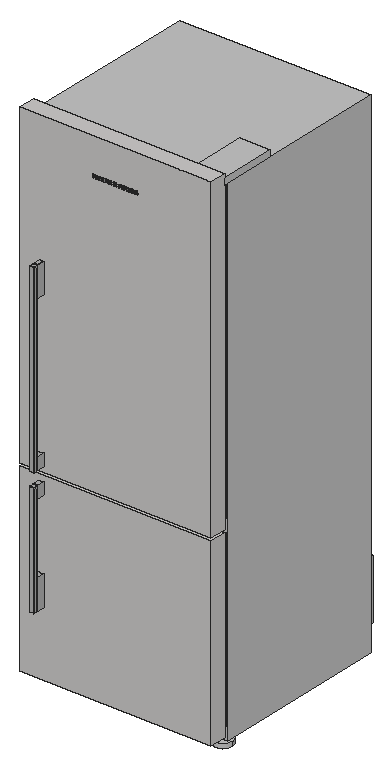
Revit family "FP-Revit18-E402BRXFD4-Fridges", category Specialty Equipment, Revit 2018
Family settings
  Round Connector Dimension = Use Diameter
  Part Type = Normal
  OmniClass Number = 23.40.40.11.11.17
  OmniClass Title = Refrigerator-Freezer
  Work Plane-Based = No
  Always vertical = Yes
  Cut with Voids When Loaded = Yes
  Shared = No
  Room Calculation Point = No
Parameters (values of type "E402BRXFD4")
  Visibility - Clearance Required = yes
  URL = "www.fisherpaykel.com"
  Product - Width = 635 mm  # constant formula
  Product - Height = 1720 mm  # constant formula
  Product - Depth = 736 mm  # constant formula
  Model = "E402BRXFD4"
  Material - Logo = Fisher & Paykel - Steel, Chrome Plated
  Material - Handle = Fisher & Paykel - Aluminium
  Material - Door Structure = Fisher & Paykel - White
  Material - Door Front = Fisher & Paykel - Stainless Steel
  Material - Body = Fisher & Paykel - Grey
  Manufacturer = "Fisher & Paykel Appliances"
  Description = "63.5cm Freestanding Refrigerator with Bottom Freezer"
  Connector Description - Electrical = "230 V, 50Hz"
  Chassis - Width = 635 mm  # constant formula
  Chassis - Height = 1664 mm  # constant formula
  Chassis - Depth = 625 mm  # constant formula
  Cavity - Width = 675 mm  # constant formula
  Cavity - Height = 1735 mm  # constant formula
  Cavity - Depth = 625 mm  # constant formula
Reference planes
  plane 1 "Center (Front/Back)": y = 0
  plane 2: z = 0
  plane 3 "Center (Left/Right)": x = 0
  plane 4 "Product LHS": x = -317.5
  plane 5 "Product RHS": x = 317.5
  plane 6 "Product - Depth": y = 625
  plane 7 "Cavity LHS": x = -337.5
  plane 8 "Cavity RHS": x = 337.5
  plane 9 "Cavity - Depth": y = 625
  plane 10 "Cavity Height": z = 1735
  plane 11 "Door Panel Front": y = -70
  plane 12 "Product - Height": z = 1720
Forms (mm)
  Extrusion 1, solid, material "Fisher & Paykel - Grey" <- "Material - Body"
    sketch origin (0, 0, 0) x (0, 1, 0) y (0, 0, 1)
      loop
        line (0, 24) -> (595, 24) -> (595, 1686) -> (0, 1686) -> (0, 24)
    from -317.5 to 317.5
  Extrusion 2, solid, material "Fisher & Paykel - Grey" <- "Material - Body"
    sketch origin (0, 0, 0) x (1, 0, 0) y (0, 1, 0)
      loop
        circle (-287.5, 18.6) r 4.9
      loop
        circle (287.5, 18.6) r 4.9
    from 14 to 24
  Extrusion 3, solid, material "Fisher & Paykel - Grey" <- "Material - Body"
    sketch origin (0, 0, 0) x (1, 0, 0) y (0, 1, 0)
      loop
        circle (-287.5, 18.6) r 30
      loop
        circle (287.5, 18.6) r 30
    from 0 to 14
  Extrusion 4, solid, material "Fisher & Paykel - Grey" <- "Material - Body"
    sketch origin (0, 0, 0) x (1, 0, 0) y (0, 0, 1)
      loop
        circle (277.542, 69) r 5
      loop
        circle (227.542, 69) r 5
    from -615 to -595
  Extrusion 5, solid, material "Fisher & Paykel - White" <- "Material - Door Structure"
    sketch origin (0, 0, 0) x (1, 0, 0) y (0, 1, 0)
      loop
        line (-309.5, 0) -> (-309.5, -15) -> (309.5, -15) -> (309.5, 0) -> (-309.5, 0)
    from 682 to 1680
  Extrusion 6, solid, material "Fisher & Paykel - Stainless Steel" <- "Material - Door Front"
    sketch origin (0, 0, 0) x (1, 0, 0) y (0, 1, 0)
      loop
        line (-317.5, -15) -> (-317.5, -70) -> (317.5, -70) -> (317.5, -15) -> (-317.5, -15)
    from 660 to 1720
  Extrusion 7, solid, material "Fisher & Paykel - Clearance Required", visible <- "Visibility - Clearance Required", detail levels coarse
    sketch origin (0, 0, 0) x (1, 0, 0) y (0, 1, 0)
      loop
        line (-337.5, 625) -> (-337.5, -70) -> (472.5, -70) -> (472.5, 0) -> (337.5, 0) -> (337.5, 625) -> (-337.5, 625)
    from 0 to 1735
  Extrusion 8, void
    sketch origin (0, 0, 0) x (1, 0, 0) y (0, 1, 0)
      loop
        line (-337.5, 625) -> (-337.5, -70) -> (472.5, -70) -> (472.5, 0) -> (337.5, 0) -> (337.5, 625) -> (-337.5, 625)
    from 0 to 1735
  Extrusion 9, solid, material "Fisher & Paykel - Stainless Steel" <- "Material - Door Front"
    sketch origin (0, 0, 0) x (1, 0, 0) y (0, 1, 0)
      loop
        line (-317.5, -15) -> (-317.5, -70) -> (317.5, -70) -> (317.5, -15) -> (-317.5, -15)
    from 40 to 650
  Extrusion 10, solid, material "Fisher & Paykel - White" <- "Material - Door Structure"
    sketch origin (0, 0, 0) x (1, 0, 0) y (0, 1, 0)
      loop
        line (-309.5, 0) -> (-309.5, -15) -> (309.5, -15) -> (309.5, 0) -> (-309.5, 0)
    from 62 to 642
  Extrusion 11, solid, material "Fisher & Paykel - Grey" <- "Material - Body"
    sketch origin (229.237, 0, 0) x (0, 1, 0) y (0, 0, 1)
      loop
        line (595, 324) -> (595, 94) -> (625, 94) -> (625, 294) -> (595, 324)
    from -526.7 to 68.3
  Extrusion 12, solid, material "Fisher & Paykel - Grey" <- "Material - Body"
    sketch origin (0, 0, 0) x (0, 1, 0) y (0, 0, 1)
      loop
        line (595, 94) -> (595, 24) -> (625, 24) -> (625, 94) -> (595, 94)
    from -297.463 to 202
  Extrusion 13, solid, material "Fisher & Paykel - Grey" <- "Material - Body"
    sketch origin (0, 0, 0) x (1, 0, 0) y (0, 1, 0)
      loop
        line (218.9, 174) -> (218.9, -15) -> (317.5, -15) -> (317.5, 174) -> (218.9, 174)
    from 1686 to 1708
  Extrusion 14, solid, material "Fisher & Paykel - Clearance Required", visible <- "Visibility - Clearance Required", detail levels coarse
    sketch origin (0, 0, 0) x (1, 0, 0) y (0, 1, 0)
      loop
        line (391.972, -70) -> (-317.5, -70)
        arc (-317.5, -70) -> (95.726, -626.083) -> (767.016, -454.756) r 621.877
        line (767.016, -454.756) -> (722.92, -409.518) -> (752.391, -380.791) -> (742.27, -369.199) -> (712.194, -398.515) -> (391.972, -70)
    from 0 to 1720
  Extrusion 15, solid, material "Fisher & Paykel - Grey" <- "Material - Body", detail levels fine
    sketch origin (0, 0, -4) x (0, 1, 0) y (0, 0, 1)
      loop
        arc (62.091, 28) -> (87.5, 4) -> (112.909, 28) r 25.45
        line (112.909, 28) -> (62.091, 28)
      loop
        arc (503.639, 28) -> (529.047, 4) -> (554.456, 28) r 25.45
        line (554.456, 28) -> (503.639, 28)
    from 267 to 284
  Extrusion 16, solid, material "Fisher & Paykel - Steel, Chrome Plated" <- "Material - Logo", detail levels fine
    sketch origin (-0.005, -70, 1596) x (1, 0, 0) y (0, 0, 1)
      loop
        line (-74.994, 0) -> (-72.633, 0) -> (-72.633, 3.207) -> (-68.944, 3.207) -> (-68.944, 5.208) -> (-72.633, 5.208) -> (-72.633, 7.068) -> (-68.62, 7.068) -> (-68.62, 9.06) -> (-74.994, 9.06) -> (-74.994, 0)
      loop
        line (-64.134, 9.06) -> (-64.134, 0) -> (-61.773, 0) -> (-61.773, 9.06) -> (-64.134, 9.06)
      loop
        line (-46.015, 9.06) -> (-46.015, 0) -> (-43.654, 0) -> (-43.654, 3.63) -> (-40.187, 3.63) -> (-40.187, 0) -> (-37.826, 0) -> (-37.826, 9.06) -> (-40.187, 9.06) -> (-40.187, 5.622) -> (-43.654, 5.622) -> (-43.654, 9.06) -> (-46.015, 9.06)
      loop
        line (-32.787, 9.06) -> (-32.787, 0) -> (-26.332, 0) -> (-26.332, 1.992) -> (-30.448, 1.992) -> (-30.448, 3.63) -> (-26.686, 3.63) -> (-26.686, 5.622) -> (-30.448, 5.622) -> (-30.448, 7.068) -> (-26.332, 7.068) -> (-26.332, 9.06) -> (-32.787, 9.06)
      loop
        line (68.572, 9.06) -> (68.572, 0) -> (75.006, 0) -> (75.006, 1.992) -> (70.933, 1.992) -> (70.933, 9.06) -> (68.572, 9.06)
      loop
        line (63.719, 9.06) -> (57.241, 9.06) -> (57.241, 0) -> (63.719, 0) -> (63.719, 1.992) -> (59.602, 1.992) -> (59.602, 3.63) -> (63.364, 3.63) -> (63.364, 5.622) -> (59.602, 5.622) -> (59.602, 7.068) -> (63.719, 7.068) -> (63.719, 9.06)
      loop
        line (50.248, 4.722) -> (53.597, 9.06) -> (50.837, 9.06) -> (47.945, 5.313) -> (47.945, 9.06) -> (45.585, 9.06) -> (45.585, 0) -> (47.945, 0) -> (47.945, 4.058) -> (50.926, 0) -> (53.716, 0) -> (50.248, 4.722)
      loop
        line (33.043, 9.06) -> (36.466, 3.63) -> (36.466, 0) -> (38.827, 0) -> (38.827, 3.511) -> (42.25, 9.06) -> (39.742, 9.06) -> (37.721, 5.561) -> (35.701, 9.06) -> (33.043, 9.06)
      loop
        line (27.79, 9.06) -> (25.547, 9.06) -> (21.858, 0) -> (24.175, 0) -> (24.824, 1.668) -> (28.454, 1.668) -> (29.103, 0) -> (31.479, 0) -> (27.79, 9.06)
      loop
        line (27.671, 3.659) -> (26.612, 6.261) -> (25.599, 3.659) -> (27.671, 3.659)
      loop
        line (12.119, 9.06) -> (12.119, 0) -> (14.48, 0) -> (14.48, 2.907) -> (15.971, 2.907)
        arc (15.971, 2.907) -> (19.048, 5.983) -> (15.971, 9.06) r 3.077
        line (15.971, 9.06) -> (12.119, 9.06)
      loop
        line (14.48, 7.068) -> (14.48, 4.796) -> (15.824, 4.796)
        arc (15.824, 4.796) -> (16.96, 5.932) -> (15.824, 7.068) r 1.136
        line (15.824, 7.068) -> (14.48, 7.068)
      loop
        line (-17.602, 9.06) -> (-21.477, 9.06) -> (-21.477, 0) -> (-19.116, 0) -> (-19.116, 2.522) -> (-18.311, 2.522) -> (-16.387, 0) -> (-13.657, 0) -> (-15.969, 2.959)
        arc (-15.969, 2.959) -> (-14.445, 6.636) -> (-17.602, 9.06) r 3.269
      loop
        line (-17.774, 7.068) -> (-19.116, 7.068) -> (-19.116, 4.579) -> (-17.774, 4.579)
        arc (-17.774, 4.579) -> (-16.529, 5.823) -> (-17.774, 7.068) r 1.244
      loop
        line (0.788, 7.068) -> (0.788, 9.229) -> (-5.291, 9.229) -> (-5.291, 7.276) -> (-4.389, 6.167)
        arc (-4.389, 6.167) -> (-5.193, 1.025) -> (0.005, 0.768) r 3.5
        line (0.005, 0.768) -> (0.63, 0) -> (3.308, 0) -> (1.362, 2.391) -> (3.12, 4.924) -> (0.694, 4.924) -> (0.053, 4) -> (-2.443, 7.068) -> (0.788, 7.068)
      loop
        arc (-3.116, 4.603) -> (-3.331, 2.502) -> (-1.23, 2.286) r 1.493
        line (-1.23, 2.286) -> (-3.116, 4.603)
      loop
        line (-52.698, 5.451) -> (-54.701, 5.866)
        arc (-54.701, 5.866) -> (-55.501, 6.665) -> (-54.701, 7.465) r 0.799
        arc (-54.701, 7.465) -> (-52.78, 7.185) -> (-51.017, 6.371) r 6.757
        line (-51.017, 6.371) -> (-51.017, 8.615)
        arc (-51.017, 8.615) -> (-53.252, 9.269) -> (-55.578, 9.164) r 7.089
        arc (-55.578, 9.164) -> (-57.732, 6.502) -> (-55.578, 3.841) r 2.721
        line (-55.578, 3.841) -> (-53.559, 3.423)
        arc (-53.559, 3.423) -> (-52.76, 2.623) -> (-53.559, 1.824) r 0.799
        arc (-53.559, 1.824) -> (-55.481, 2.103) -> (-57.244, 2.917) r 6.757
        line (-57.244, 2.917) -> (-57.244, 0.674)
        arc (-57.244, 0.674) -> (-55.009, 0.02) -> (-52.682, 0.125) r 7.089
        arc (-52.682, 0.125) -> (-50.529, 2.795) -> (-52.698, 5.451) r 2.721
    from 0 to 0.8
  Extrusion 17, solid, material "Fisher & Paykel - Grey" <- "Material - Body", detail levels fine
    sketch origin (0, 0, -4) x (0, 1, 0) y (0, 0, -1)
      loop
        line (62.091, -28) -> (112.909, -28)
        arc (112.909, -28) -> (87.5, -4) -> (62.091, -28) r 25.45
      loop
        line (503.639, -28) -> (554.456, -28)
        arc (554.456, -28) -> (529.047, -4) -> (503.639, -28) r 25.45
    from 267 to 284
  Extrusion 18, solid, material "Fisher & Paykel - Aluminium" <- "Material - Handle", detail levels fine
    sketch origin (-246.5, -70, 0) x (1, 0, 0) y (0, 1, 0)
      loop
        arc (-7.7, -27.749) -> (0.04, -25.059) -> (7.7, -27.971) r 11.986
        line (7.7, -27.971) -> (7.7, 0) -> (-7.7, 0) -> (-7.7, -27.749)
    from 257 to 357
  Extrusion 19, solid, material "Fisher & Paykel - Aluminium" <- "Material - Handle", detail levels fine
    sketch origin (-246.5, -70, 0) x (1, 0, 0) y (0, 1, 0)
      loop
        arc (-7.7, -27.749) -> (0.04, -25.059) -> (7.7, -27.971) r 11.986
        line (7.7, -27.971) -> (7.7, 0) -> (-7.7, 0) -> (-7.7, -27.749)
    from 591 to 631
  Extrusion 20, solid, material "Fisher & Paykel - Aluminium" <- "Material - Handle", detail levels fine
    sketch origin (-246.5, -70, 0) x (1, 0, 0) y (0, 1, 0)
      loop
        arc (-7.7, -27.749) -> (0.04, -25.059) -> (7.7, -27.971) r 11.986
        line (7.7, -27.971) -> (7.7, 0) -> (-7.7, 0) -> (-7.7, -27.749)
    from 676 to 716
  Extrusion 21, solid, material "Fisher & Paykel - Aluminium" <- "Material - Handle", detail levels fine
    sketch origin (-246.5, -70, 0) x (1, 0, 0) y (0, 1, 0)
      loop
        arc (-7.7, -27.749) -> (0.04, -25.059) -> (7.7, -27.971) r 11.986
        line (7.7, -27.971) -> (7.7, 0) -> (-7.7, 0) -> (-7.7, -27.749)
    from 1188 to 1288
  Extrusion 22, solid, material "Fisher & Paykel - Aluminium" <- "Material - Handle", detail levels fine
    sketch origin (-246.5, -70, 0) x (1, 0, 0) y (0, 1, 0)
      loop
        arc (-8, -39.496) -> (-7.559, -40.559) -> (-6.496, -41) r 1.504
        line (-6.496, -41) -> (6.5, -41)
        arc (6.5, -41) -> (7.561, -40.561) -> (8, -39.5) r 1.5
        line (8, -39.5) -> (8, -28.788)
        arc (8, -28.788) -> (7.908, -28.369) -> (7.649, -28.028) r 1
        arc (7.649, -28.028) -> (0.055, -25.159) -> (-7.625, -27.788) r 11.986
        arc (-7.625, -27.788) -> (-7.901, -28.136) -> (-8, -28.569) r 1
        line (-8, -28.569) -> (-8, -39.496)
    from 676 to 1288
  Extrusion 23, solid, material "Fisher & Paykel - Aluminium" <- "Material - Handle", detail levels fine
    sketch origin (-246.5, -70, 0) x (1, 0, 0) y (0, 1, 0)
      loop
        arc (-8, -39.496) -> (-7.559, -40.559) -> (-6.496, -41) r 1.504
        line (-6.496, -41) -> (6.5, -41)
        arc (6.5, -41) -> (7.561, -40.561) -> (8, -39.5) r 1.5
        line (8, -39.5) -> (8, -28.788)
        arc (8, -28.788) -> (7.908, -28.369) -> (7.649, -28.028) r 1
        arc (7.649, -28.028) -> (0.055, -25.159) -> (-7.625, -27.788) r 11.986
        arc (-7.625, -27.788) -> (-7.901, -28.136) -> (-8, -28.569) r 1
        line (-8, -28.569) -> (-8, -39.496)
    from 257 to 631
  Extrusion 24, solid, material "Fisher & Paykel - Aluminium" <- "Material - Handle", detail levels coarse+medium
    sketch origin (-246.5, -70, 0) x (0, 1, 0) y (0, 0, 1)
      loop
        line (0, 1288) -> (-41, 1288) -> (-41, 676) -> (0, 676) -> (0, 716) -> (-25.058, 716) -> (-25.058, 1188) -> (0, 1188) -> (0, 1288)
      loop
        line (0, 631) -> (-41, 631) -> (-41, 257) -> (0, 257) -> (0, 357) -> (-25, 357) -> (-25, 591) -> (0, 591) -> (0, 631)
    from -8 to 8
  Sweep 25, void
    path in 3D
      loop
        line (-254.5, -98.569, 1288) -> (-254.5, -109.496, 1288)
        arc (-254.5, -109.496, 1288) -> (-254.059, -110.559, 1288) -> (-252.996, -111, 1288) r 1.504
        line (-252.996, -111, 1288) -> (-240, -111, 1288)
        arc (-240, -111, 1288) -> (-238.939, -110.561, 1288) -> (-238.5, -109.5, 1288) r 1.5
        line (-238.5, -109.5, 1288) -> (-238.5, -98.788, 1288)
    profile origin (-238.5, -104.144, 1288) x (-1, 0, 0) y (0, 0, 1)
      loop
        line (0, 0) -> (0, -1.2) -> (1.2, 0) -> (0, 0)
  Extrusion 26, void
    sketch origin (-246.5, -70, -3) x (1, 0, 0) y (0, 0, 1)
      loop
        line (6.8, 1291) -> (8, 1289.8) -> (8, 1291) -> (6.8, 1291)
      loop
        line (-6.8, 1291) -> (-8, 1291) -> (-8, 1289.8) -> (-6.8, 1291)
    from 0 to 41
  Sweep 27, void
    path in 3D
      loop
        line (-254.5, -98.569, 631) -> (-254.5, -109.496, 631)
        arc (-254.5, -109.496, 631) -> (-254.059, -110.559, 631) -> (-252.996, -111, 631) r 1.504
        line (-252.996, -111, 631) -> (-240, -111, 631)
        arc (-240, -111, 631) -> (-238.939, -110.561, 631) -> (-238.5, -109.5, 631) r 1.5
        line (-238.5, -109.5, 631) -> (-238.5, -98.788, 631)
    profile origin (-238.5, -104.144, 631) x (-1, 0, 0) y (0, 0, 1)
      loop
        line (0, 0) -> (0, -1.2) -> (1.2, 0) -> (0, 0)
  Extrusion 28, void
    sketch origin (-246.5, -70, -3) x (1, 0, 0) y (0, 0, 1)
      loop
        line (6.8, 634) -> (8, 632.8) -> (8, 634) -> (6.8, 634)
      loop
        line (-6.8, 634) -> (-8, 634) -> (-8, 632.8) -> (-6.8, 634)
    from 0 to 41
  Extrusion 29, solid, material "Fisher & Paykel - Aluminium" <- "Material - Handle", not visible, detail levels fine
    sketch origin (1231.336, 179.177, 0) x (1, 0, 0) y (0, 1, 0)
      loop
        arc (-7.7, -27.749) -> (0.04, -25.059) -> (7.7, -27.971) r 11.986
        line (7.7, -27.971) -> (7.7, 0) -> (-7.7, 0) -> (-7.7, -27.749)
    from 257 to 357
  Extrusion 30, solid, material "Fisher & Paykel - Aluminium" <- "Material - Handle", not visible, detail levels fine
    sketch origin (1231.336, 179.177, 0) x (1, 0, 0) y (0, 1, 0)
      loop
        arc (-7.7, -27.749) -> (0.04, -25.059) -> (7.7, -27.971) r 11.986
        line (7.7, -27.971) -> (7.7, 0) -> (-7.7, 0) -> (-7.7, -27.749)
    from 591 to 631
  Extrusion 31, solid, material "Fisher & Paykel - Aluminium" <- "Material - Handle", not visible, detail levels fine
    sketch origin (1231.336, 179.177, 0) x (1, 0, 0) y (0, 1, 0)
      loop
        arc (-7.7, -27.749) -> (0.04, -25.059) -> (7.7, -27.971) r 11.986
        line (7.7, -27.971) -> (7.7, 0) -> (-7.7, 0) -> (-7.7, -27.749)
    from 676 to 716
  Extrusion 32, solid, material "Fisher & Paykel - Aluminium" <- "Material - Handle", not visible, detail levels fine
    sketch origin (1231.336, 179.177, 0) x (1, 0, 0) y (0, 1, 0)
      loop
        arc (-7.7, -27.749) -> (0.04, -25.059) -> (7.7, -27.971) r 11.986
        line (7.7, -27.971) -> (7.7, 0) -> (-7.7, 0) -> (-7.7, -27.749)
    from 1188 to 1288
  Extrusion 33, solid, material "Fisher & Paykel - Aluminium" <- "Material - Handle", not visible, detail levels fine
    sketch origin (1231.336, 179.177, 0) x (1, 0, 0) y (0, 1, 0)
      loop
        arc (-8, -39.496) -> (-7.559, -40.559) -> (-6.496, -41) r 1.504
        line (-6.496, -41) -> (6.5, -41)
        arc (6.5, -41) -> (7.561, -40.561) -> (8, -39.5) r 1.5
        line (8, -39.5) -> (8, -28.788)
        arc (8, -28.788) -> (7.908, -28.369) -> (7.649, -28.028) r 1
        arc (7.649, -28.028) -> (0.055, -25.159) -> (-7.625, -27.788) r 11.986
        arc (-7.625, -27.788) -> (-7.901, -28.136) -> (-8, -28.569) r 1
        line (-8, -28.569) -> (-8, -39.496)
    from 676 to 1288
  Extrusion 34, solid, material "Fisher & Paykel - Aluminium" <- "Material - Handle", not visible, detail levels fine
    sketch origin (1231.336, 179.177, 0) x (1, 0, 0) y (0, 1, 0)
      loop
        arc (-8, -39.496) -> (-7.559, -40.559) -> (-6.496, -41) r 1.504
        line (-6.496, -41) -> (6.5, -41)
        arc (6.5, -41) -> (7.561, -40.561) -> (8, -39.5) r 1.5
        line (8, -39.5) -> (8, -28.788)
        arc (8, -28.788) -> (7.908, -28.369) -> (7.649, -28.028) r 1
        arc (7.649, -28.028) -> (0.055, -25.159) -> (-7.625, -27.788) r 11.986
        arc (-7.625, -27.788) -> (-7.901, -28.136) -> (-8, -28.569) r 1
        line (-8, -28.569) -> (-8, -39.496)
    from 257 to 631
  Extrusion 35, solid, material "Fisher & Paykel - Aluminium" <- "Material - Handle", not visible, detail levels coarse+medium
    sketch origin (1231.336, 179.177, 0) x (0, 1, 0) y (0, 0, 1)
      loop
        line (0, 1288) -> (-41, 1288) -> (-41, 676) -> (0, 676) -> (0, 716) -> (-25.058, 716) -> (-25.058, 1188) -> (0, 1188) -> (0, 1288)
      loop
        line (0, 631) -> (-41, 631) -> (-41, 257) -> (0, 257) -> (0, 357) -> (-25, 357) -> (-25, 591) -> (0, 591) -> (0, 631)
    from -8 to 8
  Sweep 36, void, not visible
    path in 3D
      loop
        line (1223.336, 150.608, 1288) -> (1223.336, 139.681, 1288)
        arc (1223.336, 139.681, 1288) -> (1223.777, 138.617, 1288) -> (1224.84, 138.177, 1288) r 1.504
        line (1224.84, 138.177, 1288) -> (1237.836, 138.177, 1288)
        arc (1237.836, 138.177, 1288) -> (1238.897, 138.616, 1288) -> (1239.336, 139.677, 1288) r 1.5
        line (1239.336, 139.677, 1288) -> (1239.336, 150.389, 1288)
    profile origin (1239.336, 145.033, 1288) x (-1, 0, 0) y (0, 0, 1)
      loop
        line (0, 0) -> (0, -1.2) -> (1.2, 0) -> (0, 0)
  Extrusion 37, void, not visible
    sketch origin (1231.336, 179.177, -3) x (1, 0, 0) y (0, 0, 1)
      loop
        line (6.8, 1291) -> (8, 1289.8) -> (8, 1291) -> (6.8, 1291)
      loop
        line (-6.8, 1291) -> (-8, 1291) -> (-8, 1289.8) -> (-6.8, 1291)
    from 0 to 41
  Sweep 38, void, not visible
    path in 3D
      loop
        line (1223.336, 150.608, 631) -> (1223.336, 139.681, 631)
        arc (1223.336, 139.681, 631) -> (1223.777, 138.617, 631) -> (1224.84, 138.177, 631) r 1.504
        line (1224.84, 138.177, 631) -> (1237.836, 138.177, 631)
        arc (1237.836, 138.177, 631) -> (1238.897, 138.616, 631) -> (1239.336, 139.677, 631) r 1.5
        line (1239.336, 139.677, 631) -> (1239.336, 150.389, 631)
    profile origin (1239.336, 145.033, 631) x (-1, 0, 0) y (0, 0, 1)
      loop
        line (0, 0) -> (0, -1.2) -> (1.2, 0) -> (0, 0)
  Extrusion 39, void, not visible
    sketch origin (1231.336, 179.177, -3) x (1, 0, 0) y (0, 0, 1)
      loop
        line (6.8, 634) -> (8, 632.8) -> (8, 634) -> (6.8, 634)
      loop
        line (-6.8, 634) -> (-8, 634) -> (-8, 632.8) -> (-6.8, 634)
    from 0 to 41
Cuts and joins
  joined: Extrusion 11, Extrusion 12
  Sweep 25, Extrusion 26 cuts Extrusion 22
  Extrusion 26 cuts Extrusion 21
  Extrusion 28 cuts Extrusion 19
  Sweep 27, Extrusion 28 cuts Extrusion 23
Lines and regions (mm)
  sketch lines
    curve 1: line (-238.5, -109.5, 1288) -> (-238.5, -98.788, 1288)
    curve 2: arc (-238.5, -109.5, 1288) -> (-238.939, -110.561, 1288) -> (-240, -111, 1288) r 1.5
    curve 3: line (-252.996, -111, 1288) -> (-240, -111, 1288)
    curve 4: arc (-252.996, -111, 1288) -> (-254.059, -110.559, 1288) -> (-254.5, -109.496, 1288) r 1.504
    curve 5: line (-254.5, -98.569, 1288) -> (-254.5, -109.496, 1288)
    curve 6: line (-238.5, -109.5, 631) -> (-238.5, -98.788, 631)
    curve 7: arc (-238.5, -109.5, 631) -> (-238.939, -110.561, 631) -> (-240, -111, 631) r 1.5
    curve 8: arc (-252.996, -111, 631) -> (-254.059, -110.559, 631) -> (-254.5, -109.496, 631) r 1.504
    curve 9: line (-254.5, -98.569, 631) -> (-254.5, -109.496, 631)
    curve 10: line (-252.996, -111, 631) -> (-240, -111, 631)
  sketch lines, not visible
    curve 11: line (1239.336, 139.677, 1288) -> (1239.336, 150.389, 1288)
    curve 12: arc (1239.336, 139.677, 1288) -> (1238.897, 138.616, 1288) -> (1237.836, 138.177, 1288) r 1.5
    curve 13: line (1224.84, 138.177, 1288) -> (1237.836, 138.177, 1288)
    curve 14: arc (1224.84, 138.177, 1288) -> (1223.777, 138.617, 1288) -> (1223.336, 139.681, 1288) r 1.504
    curve 15: line (1223.336, 150.608, 1288) -> (1223.336, 139.681, 1288)
    curve 16: line (1239.336, 139.677, 631) -> (1239.336, 150.389, 631)
    curve 17: arc (1239.336, 139.677, 631) -> (1238.897, 138.616, 631) -> (1237.836, 138.177, 631) r 1.5
    curve 18: arc (1224.84, 138.177, 631) -> (1223.777, 138.617, 631) -> (1223.336, 139.681, 631) r 1.504
    curve 19: line (1223.336, 150.608, 631) -> (1223.336, 139.681, 631)
    curve 20: line (1224.84, 138.177, 631) -> (1237.836, 138.177, 631)
Text (mm)
  text "Due to ongoing product development, product details are subject to change without notice. \nPlease always refer to www.fisherpaykel.com for the most current product information. \n© Fisher & Paykel 2020" at (41.04, -848.295, 0), in view "Ref. Level (Plan)"
Dimensions and locks
  equal spacing: plane 4 "Product LHS", plane 3 "Center (Left/Right)", plane 5 "Product RHS"
  "Product - Width": plane 4 "Product LHS" to plane 5 "Product RHS"
  "Cavity - Depth": plane 1 "Center (Front/Back)" to plane 6 "Product - Depth"
  equal spacing: plane 7 "Cavity LHS", plane 3 "Center (Left/Right)", plane 8 "Cavity RHS"
  "Cavity - Width": plane 7 "Cavity LHS" to plane 8 "Cavity RHS"
  Extrusion 4 sketch curve to plane 5 "Product RHS" = 39.958 mm
  locked: Extrusion 3 to level at 14
  "Cavity - Height": plane 10 "Cavity Height" to level
  Extrusion 9 to Extrusion 1 = 16 mm
  Extrusion 9 to Extrusion 1 = 626 mm
  Extrusion 1 to Extrusion 1 = 1662 mm
  Extrusion 1 to Extrusion 4 = 45 mm  (x2)
  Extrusion 1 to cut or joined group of Extrusion 11, Extrusion 12 = 70 mm
  locked: Extrusion 4 sketch curve to Extrusion 1 at 40  (x2)
  "Chassis - Depth": plane 6 "Product - Depth" to plane 1 "Center (Front/Back)"
  locked: Extrusion 9 to level at 650
  "Product - Height": level to plane 12 "Product - Height"
  Extrusion 13 to Extrusion 1 = 22 mm
  locked: cut or joined group of Extrusion 23, Sweep 27, Extrusion 28 to level at 631
  locked: cut or joined group of Extrusion 22, Sweep 25, Extrusion 26 to level at 676
  locked: cut or joined group of Extrusion 21, Extrusion 26 to level at 1288
  plane 3 "Center (Left/Right)" to Extrusion 24 = 238.5 mm
  Extrusion 16 to plane 2 = 1596 mm
  aligned and locked: level to plane 2
  aligned and locked: Extrusion 1 to plane 5 "Product RHS"
  aligned and locked: plane 4 "Product LHS" to Extrusion 1
  aligned and locked: Extrusion 6 sketch curve to plane 4 "Product LHS"
  aligned and locked: plane 5 "Product RHS" to Extrusion 6 sketch curve
  aligned and locked: Extrusion 1 sketch curve to plane 1 "Center (Front/Back)"
  aligned and locked: Extrusion 12 sketch curve to plane 6 "Product - Depth"
  aligned and locked: Extrusion 4 to Extrusion 1
  aligned and locked: Extrusion 12 to Extrusion 11
  aligned and locked: Extrusion 7 to plane 10 "Cavity Height"
  aligned and locked: Extrusion 8 to plane 10 "Cavity Height"
  aligned and locked: plane 5 "Product RHS" to Extrusion 1
  aligned and locked: Extrusion 1 to plane 4 "Product LHS"
  aligned and locked: Extrusion 14 to plane 12 "Product - Height"
  aligned and locked: cut or joined group of Extrusion 11, Extrusion 12 to Extrusion 1
  aligned and locked: Extrusion 23 to Extrusion 24
  aligned and locked: Extrusion 24 to Extrusion 18
  aligned and locked: Extrusion 24 to Extrusion 23
  aligned and locked: Extrusion 19 to Extrusion 24
  aligned and locked: Extrusion 22 to Extrusion 24
  aligned and locked: Extrusion 24 to Extrusion 20
  aligned and locked: Extrusion 21 to Extrusion 24
Automatic sketch dimensions
  Extrusion 18 sketch curve to Extrusion 18 sketch curve = 7.567 mm
  Extrusion 18 sketch curve to Extrusion 18 sketch curve = 7.833 mm
  Extrusion 18 sketch curve to Extrusion 18 sketch curve = 27.749 mm
  Extrusion 18 sketch curve to Extrusion 18 sketch curve = 0.223 mm
  Extrusion 19 sketch curve to Extrusion 19 sketch curve = 7.567 mm
  Extrusion 19 sketch curve to Extrusion 19 sketch curve = 7.833 mm
  Extrusion 19 sketch curve to Extrusion 19 sketch curve = 27.749 mm
  Extrusion 19 sketch curve to Extrusion 19 sketch curve = 0.223 mm
  Extrusion 20 sketch curve to Extrusion 20 sketch curve = 7.567 mm
  Extrusion 20 sketch curve to Extrusion 20 sketch curve = 7.833 mm
  Extrusion 20 sketch curve to Extrusion 20 sketch curve = 27.749 mm
  Extrusion 20 sketch curve to Extrusion 20 sketch curve = 0.223 mm
  Extrusion 21 sketch curve to Extrusion 21 sketch curve = 7.567 mm
  Extrusion 21 sketch curve to Extrusion 21 sketch curve = 7.833 mm
  Extrusion 21 sketch curve to Extrusion 21 sketch curve = 27.749 mm
  Extrusion 21 sketch curve to Extrusion 21 sketch curve = 0.223 mm
  Extrusion 22 sketch curve to Extrusion 22 sketch curve = 1 mm  (x2)
  Extrusion 22 sketch curve to Extrusion 22 sketch curve = 1.504 mm
  Extrusion 22 sketch curve to Extrusion 22 sketch curve = 6.363 mm
  Extrusion 22 sketch curve to Extrusion 22 sketch curve = 6.633 mm
  Extrusion 22 sketch curve to Extrusion 22 sketch curve = 0.5 mm
  Extrusion 22 sketch curve to Extrusion 22 sketch curve = 2.353 mm
  Extrusion 22 sketch curve to Extrusion 22 sketch curve = 10.712 mm
  Extrusion 22 sketch curve to Extrusion 22 sketch curve = 10.927 mm
  Extrusion 22 sketch curve to Extrusion 22 sketch curve = 0 mm
  Extrusion 23 sketch curve to Extrusion 23 sketch curve = 1 mm  (x2)
  Extrusion 23 sketch curve to Extrusion 23 sketch curve = 1.504 mm
  Extrusion 23 sketch curve to Extrusion 23 sketch curve = 6.363 mm
  Extrusion 23 sketch curve to Extrusion 23 sketch curve = 6.633 mm
  Extrusion 23 sketch curve to Extrusion 23 sketch curve = 0.5 mm
  Extrusion 23 sketch curve to Extrusion 23 sketch curve = 2.353 mm
  Extrusion 23 sketch curve to Extrusion 23 sketch curve = 10.712 mm
  Extrusion 23 sketch curve to Extrusion 23 sketch curve = 10.927 mm
  Extrusion 23 sketch curve to Extrusion 23 sketch curve = 0 mm
  Extrusion 24 sketch curve to Extrusion 24 sketch curve = 15.942 mm
  Extrusion 24 sketch curve to Extrusion 24 sketch curve = 16 mm
  Extrusion 24 sketch curve to Extrusion 24 sketch curve = 41 mm  (x3)
  Extrusion 24 sketch curve to Extrusion 24 sketch curve = 25.058 mm
  Extrusion 24 sketch curve to Extrusion 24 sketch curve = 100 mm  (x2)
  Extrusion 24 sketch curve to Extrusion 24 sketch curve = 234 mm
  Extrusion 24 sketch curve to Extrusion 24 sketch curve = 40 mm  (x2)
  Extrusion 24 sketch curve to Extrusion 24 sketch curve = 45 mm
  Extrusion 24 sketch curve to Extrusion 24 sketch curve = 472 mm
  Sweep 25 sketch curve to profile plane = 0 mm  (x2)
  Sweep 25 sketch curve to profile plane = 1.2 mm  (x2)
  Extrusion 26 sketch curve to Extrusion 26 sketch curve = 1.2 mm  (x5)
  Extrusion 26 sketch curve to Extrusion 26 sketch curve = 13.6 mm
  Sweep 27 sketch curve to profile plane = 0 mm  (x2)
  Sweep 27 sketch curve to profile plane = 1.2 mm  (x2)
  Extrusion 28 sketch curve to Extrusion 28 sketch curve = 1.2 mm  (x4)
  Extrusion 28 sketch curve to Extrusion 28 sketch curve = 13.6 mm
  Extrusion 28 sketch curve to Extrusion 28 sketch curve = 0 mm
  Extrusion 24 sketch curve to Extrusion 24 sketch curve = 0 mm
  Extrusion 29 sketch curve to Extrusion 29 sketch curve = 7.567 mm
  Extrusion 29 sketch curve to Extrusion 29 sketch curve = 7.833 mm
  Extrusion 29 sketch curve to Extrusion 29 sketch curve = 27.749 mm
  Extrusion 29 sketch curve to Extrusion 29 sketch curve = 0.223 mm
  Extrusion 30 sketch curve to Extrusion 30 sketch curve = 7.567 mm
  Extrusion 30 sketch curve to Extrusion 30 sketch curve = 7.833 mm
  Extrusion 30 sketch curve to Extrusion 30 sketch curve = 27.749 mm
  Extrusion 30 sketch curve to Extrusion 30 sketch curve = 0.223 mm
  Extrusion 31 sketch curve to Extrusion 31 sketch curve = 7.567 mm
  Extrusion 31 sketch curve to Extrusion 31 sketch curve = 7.833 mm
  Extrusion 31 sketch curve to Extrusion 31 sketch curve = 27.749 mm
  Extrusion 31 sketch curve to Extrusion 31 sketch curve = 0.223 mm
  Extrusion 32 sketch curve to Extrusion 32 sketch curve = 7.567 mm
  Extrusion 32 sketch curve to Extrusion 32 sketch curve = 7.833 mm
  Extrusion 32 sketch curve to Extrusion 32 sketch curve = 27.749 mm
  Extrusion 32 sketch curve to Extrusion 32 sketch curve = 0.223 mm
  Extrusion 33 sketch curve to Extrusion 33 sketch curve = 1 mm  (x2)
  Extrusion 33 sketch curve to Extrusion 33 sketch curve = 1.504 mm
  Extrusion 33 sketch curve to Extrusion 33 sketch curve = 6.363 mm
  Extrusion 33 sketch curve to Extrusion 33 sketch curve = 6.633 mm
  Extrusion 33 sketch curve to Extrusion 33 sketch curve = 0.5 mm
  Extrusion 33 sketch curve to Extrusion 33 sketch curve = 2.353 mm
  Extrusion 33 sketch curve to Extrusion 33 sketch curve = 10.712 mm
  Extrusion 33 sketch curve to Extrusion 33 sketch curve = 10.927 mm
  Extrusion 33 sketch curve to Extrusion 33 sketch curve = 0 mm
  Extrusion 34 sketch curve to Extrusion 34 sketch curve = 1 mm  (x2)
  Extrusion 34 sketch curve to Extrusion 34 sketch curve = 1.504 mm
  Extrusion 34 sketch curve to Extrusion 34 sketch curve = 6.363 mm
  Extrusion 34 sketch curve to Extrusion 34 sketch curve = 6.633 mm
  Extrusion 34 sketch curve to Extrusion 34 sketch curve = 0.5 mm
  Extrusion 34 sketch curve to Extrusion 34 sketch curve = 2.353 mm
  Extrusion 34 sketch curve to Extrusion 34 sketch curve = 10.712 mm
  Extrusion 34 sketch curve to Extrusion 34 sketch curve = 10.927 mm
  Extrusion 34 sketch curve to Extrusion 34 sketch curve = 0 mm
  Extrusion 35 sketch curve to Extrusion 35 sketch curve = 15.942 mm
  Extrusion 35 sketch curve to Extrusion 35 sketch curve = 16 mm
  Extrusion 35 sketch curve to Extrusion 35 sketch curve = 41 mm  (x3)
  Extrusion 35 sketch curve to Extrusion 35 sketch curve = 25.058 mm
  Extrusion 35 sketch curve to Extrusion 35 sketch curve = 100 mm  (x2)
  Extrusion 35 sketch curve to Extrusion 35 sketch curve = 234 mm
  Extrusion 35 sketch curve to Extrusion 35 sketch curve = 40 mm  (x2)
  Extrusion 35 sketch curve to Extrusion 35 sketch curve = 45 mm
  Extrusion 35 sketch curve to Extrusion 35 sketch curve = 472 mm
  Sweep 36 sketch curve to profile plane = 0 mm  (x2)
  Sweep 36 sketch curve to profile plane = 1.2 mm  (x2)
  Extrusion 37 sketch curve to Extrusion 37 sketch curve = 1.2 mm  (x5)
  Extrusion 37 sketch curve to Extrusion 37 sketch curve = 13.6 mm
  Sweep 38 sketch curve to profile plane = 0 mm  (x2)
  Sweep 38 sketch curve to profile plane = 1.2 mm  (x2)
  Extrusion 39 sketch curve to Extrusion 39 sketch curve = 1.2 mm  (x4)
  Extrusion 39 sketch curve to Extrusion 39 sketch curve = 13.6 mm
  Extrusion 39 sketch curve to Extrusion 39 sketch curve = 0 mm
  Extrusion 35 sketch curve to Extrusion 35 sketch curve = 0 mm
  Extrusion 1 sketch curve to plane 6 "Product - Depth" = 30 mm
  level to Extrusion 1 sketch curve = 24 mm
  plane 12 "Product - Height" to Extrusion 1 sketch curve = 34 mm
  Extrusion 2 sketch curve to plane 4 "Product LHS" = 30 mm
  plane 5 "Product RHS" to Extrusion 2 sketch curve = 30 mm
  Extrusion 2 sketch curve to plane 1 "Center (Front/Back)" = 18.6 mm  (x2)
  Extrusion 3 sketch curve to plane 4 "Product LHS" = 30 mm
  plane 5 "Product RHS" to Extrusion 3 sketch curve = 30 mm
  Extrusion 3 sketch curve to plane 1 "Center (Front/Back)" = 18.6 mm  (x2)
  Extrusion 4 sketch curve to Extrusion 4 sketch curve = 50 mm
  level to Extrusion 4 sketch curve = 69 mm
  Extrusion 4 sketch curve to Extrusion 4 sketch curve = 0 mm
  plane 1 "Center (Front/Back)" to Extrusion 5 sketch curve = 0 mm
  Extrusion 5 sketch curve to plane 4 "Product LHS" = 8 mm
  plane 5 "Product RHS" to Extrusion 5 sketch curve = 8 mm
  plane 1 "Center (Front/Back)" to Extrusion 5 sketch curve = 15 mm
  Extrusion 6 sketch curve to plane 11 "Door Panel Front" = 0 mm
  plane 1 "Center (Front/Back)" to Extrusion 6 sketch curve = 15 mm
  Extrusion 7 sketch curve to plane 6 "Product - Depth" = 0 mm
  Extrusion 7 sketch curve to plane 7 "Cavity LHS" = 0 mm
  plane 1 "Center (Front/Back)" to Extrusion 7 sketch curve = 0 mm
  Extrusion 7 sketch curve to plane 8 "Cavity RHS" = 0 mm
  Extrusion 7 sketch curve to plane 11 "Door Panel Front" = 0 mm
  Extrusion 7 sketch curve to Extrusion 7 sketch curve = 135 mm
  Extrusion 8 sketch curve to plane 6 "Product - Depth" = 0 mm
  Extrusion 8 sketch curve to plane 7 "Cavity LHS" = 0 mm
  plane 1 "Center (Front/Back)" to Extrusion 8 sketch curve = 0 mm
  Extrusion 8 sketch curve to plane 8 "Cavity RHS" = 0 mm
  Extrusion 8 sketch curve to plane 11 "Door Panel Front" = 0 mm
  Extrusion 8 sketch curve to Extrusion 8 sketch curve = 135 mm
  Extrusion 9 sketch curve to plane 4 "Product LHS" = 0 mm
  Extrusion 9 sketch curve to plane 5 "Product RHS" = 0 mm
  Extrusion 9 sketch curve to plane 11 "Door Panel Front" = 0 mm
  plane 1 "Center (Front/Back)" to Extrusion 9 sketch curve = 15 mm
  plane 1 "Center (Front/Back)" to Extrusion 10 sketch curve = 0 mm
  Extrusion 10 sketch curve to plane 4 "Product LHS" = 8 mm
  plane 5 "Product RHS" to Extrusion 10 sketch curve = 8 mm
  plane 1 "Center (Front/Back)" to Extrusion 10 sketch curve = 15 mm
  Extrusion 11 sketch curve to plane 6 "Product - Depth" = 0 mm
  Extrusion 11 sketch curve to plane 6 "Product - Depth" = 30 mm
  level to Extrusion 11 sketch curve = 94 mm
  Extrusion 11 sketch curve to Extrusion 11 sketch curve = 200 mm
  Extrusion 11 sketch curve to Extrusion 11 sketch curve = 30 mm
  Extrusion 12 sketch curve to plane 6 "Product - Depth" = 30 mm
  level to Extrusion 12 sketch curve = 24 mm
  Extrusion 12 sketch curve to Extrusion 12 sketch curve = 70 mm
  Extrusion 13 sketch curve to plane 5 "Product RHS" = 0 mm
  Extrusion 13 sketch curve to Extrusion 13 sketch curve = 98.6 mm
  plane 1 "Center (Front/Back)" to Extrusion 13 sketch curve = 15 mm
  Extrusion 13 sketch curve to plane 1 "Center (Front/Back)" = 174 mm
  level to Extrusion 15 sketch curve = 24 mm  (x2)
  Extrusion 15 sketch curve to plane 1 "Center (Front/Back)" = 62.091 mm
  Extrusion 15 sketch curve to Extrusion 15 sketch curve = 25.409 mm  (x2)
  Extrusion 15 sketch curve to plane 6 "Product - Depth" = 121.361 mm
  Extrusion 15 sketch curve to Extrusion 15 sketch curve = 1.45 mm  (x2)
  Extrusion 16 sketch curve to plane 3 "Center (Left/Right)" = 0 mm
  Extrusion 16 sketch curve to plane 3 "Center (Left/Right)" = 1.235 mm
  Extrusion 16 sketch curve to Extrusion 16 sketch curve = 0.943 mm  (x2)
  Extrusion 16 sketch curve to plane 3 "Center (Left/Right)" = 2.448 mm
  Extrusion 16 sketch curve to Extrusion 16 sketch curve = 0.305 mm
  Extrusion 16 sketch curve to Extrusion 16 sketch curve = 1.273 mm
  Extrusion 16 sketch curve to Extrusion 16 sketch curve = 0.902 mm
  Extrusion 16 sketch curve to Extrusion 16 sketch curve = 8.366 mm
  Extrusion 16 sketch curve to Extrusion 16 sketch curve = 2.312 mm
  Extrusion 16 sketch curve to Extrusion 16 sketch curve = 2.73 mm
  Extrusion 16 sketch curve to Extrusion 16 sketch curve = 1.633 mm
  Extrusion 16 sketch curve to Extrusion 16 sketch curve = 0.172 mm
  Extrusion 16 sketch curve to Extrusion 16 sketch curve = 0.538 mm
  Extrusion 16 sketch curve to Extrusion 16 sketch curve = 1.343 mm
  Extrusion 16 sketch curve to Extrusion 16 sketch curve = 0.805 mm
  Extrusion 16 sketch curve to Extrusion 16 sketch curve = 2.361 mm  (x13)
  Extrusion 16 sketch curve to Extrusion 16 sketch curve = 4.854 mm  (x2)
  Extrusion 16 sketch curve to Extrusion 16 sketch curve = 0.354 mm  (x3)
  Extrusion 16 sketch curve to Extrusion 16 sketch curve = 3.763 mm  (x2)
  Extrusion 16 sketch curve to Extrusion 16 sketch curve = 0 mm  (x19)
  Extrusion 16 sketch curve to Extrusion 16 sketch curve = 2.339 mm
  Extrusion 16 sketch curve to Extrusion 16 sketch curve = 5.039 mm
  Extrusion 16 sketch curve to Extrusion 16 sketch curve = 3.468 mm
  Extrusion 16 sketch curve to Extrusion 16 sketch curve = 5.002 mm
  Extrusion 16 sketch curve to Extrusion 16 sketch curve = 1.682 mm
  Extrusion 16 sketch curve to Extrusion 16 sketch curve = 0.552 mm
  Extrusion 16 sketch curve to Extrusion 16 sketch curve = 0.309 mm  (x3)
  Extrusion 16 sketch curve to Extrusion 16 sketch curve = 0.54 mm  (x2)
  Extrusion 16 sketch curve to Extrusion 16 sketch curve = 0.602 mm
  Extrusion 16 sketch curve to Extrusion 16 sketch curve = 2.02 mm
  Extrusion 16 sketch curve to Extrusion 16 sketch curve = 1.665 mm
  Extrusion 16 sketch curve to Extrusion 16 sketch curve = 4.53 mm
  Extrusion 16 sketch curve to Extrusion 16 sketch curve = 4.486 mm
  Extrusion 16 sketch curve to Extrusion 16 sketch curve = 0.324 mm
  Extrusion 16 sketch curve to Extrusion 16 sketch curve = 3.689 mm
  plane 3 "Center (Left/Right)" to Extrusion 16 sketch curve = 0.048 mm
  plane 3 "Center (Left/Right)" to Extrusion 16 sketch curve = 0.625 mm
  plane 3 "Center (Left/Right)" to Extrusion 16 sketch curve = 0.689 mm
  plane 3 "Center (Left/Right)" to Extrusion 16 sketch curve = 0.783 mm
  plane 3 "Center (Left/Right)" to Extrusion 16 sketch curve = 1.357 mm
  Extrusion 16 sketch curve to Extrusion 16 sketch curve = 2.426 mm
  Extrusion 16 sketch curve to Extrusion 16 sketch curve = 2.678 mm
  Extrusion 16 sketch curve to Extrusion 16 sketch curve = 8.999 mm
  Extrusion 16 sketch curve to Extrusion 16 sketch curve = 1.344 mm
  Extrusion 16 sketch curve to Extrusion 16 sketch curve = 0.147 mm
  Extrusion 16 sketch curve to Extrusion 16 sketch curve = 5.887 mm
  Extrusion 16 sketch curve to Extrusion 16 sketch curve = 2.317 mm
  Extrusion 16 sketch curve to Extrusion 16 sketch curve = 0.649 mm  (x2)
  Extrusion 16 sketch curve to Extrusion 16 sketch curve = 0.723 mm
  Extrusion 16 sketch curve to Extrusion 16 sketch curve = 0.775 mm
  Extrusion 16 sketch curve to Extrusion 16 sketch curve = 1.013 mm
  Extrusion 16 sketch curve to Extrusion 16 sketch curve = 2.072 mm
  Extrusion 16 sketch curve to Extrusion 16 sketch curve = 2.243 mm  (x3)
  Extrusion 16 sketch curve to Extrusion 16 sketch curve = 0.782 mm
  Extrusion 16 sketch curve to Extrusion 16 sketch curve = 2.376 mm
  Extrusion 16 sketch curve to Extrusion 16 sketch curve = 5.252 mm
  Extrusion 16 sketch curve to Extrusion 16 sketch curve = 2.658 mm
  Extrusion 16 sketch curve to Extrusion 16 sketch curve = 0.765 mm
  Extrusion 16 sketch curve to Extrusion 16 sketch curve = 1.255 mm  (x2)
  Extrusion 16 sketch curve to Extrusion 16 sketch curve = 4.041 mm
  Extrusion 16 sketch curve to Extrusion 16 sketch curve = 2.509 mm
  Extrusion 16 sketch curve to Extrusion 16 sketch curve = 3.334 mm
  Extrusion 16 sketch curve to Extrusion 16 sketch curve = 2.303 mm
  Extrusion 16 sketch curve to Extrusion 16 sketch curve = 2.892 mm
  Extrusion 16 sketch curve to Extrusion 16 sketch curve = 2.981 mm
  Extrusion 16 sketch curve to Extrusion 16 sketch curve = 2.759 mm
  Extrusion 16 sketch curve to Extrusion 16 sketch curve = 2.79 mm
  Extrusion 16 sketch curve to Extrusion 16 sketch curve = 3.644 mm
  Extrusion 16 sketch curve to Extrusion 16 sketch curve = 4.853 mm
  Extrusion 16 sketch curve to Extrusion 16 sketch curve = 4.073 mm
  plane 12 "Product - Height" to Extrusion 16 sketch curve = 124 mm  (x2)
  Extrusion 16 sketch curve to Extrusion 16 sketch curve = 0.674 mm
  Extrusion 16 sketch curve to Extrusion 16 sketch curve = 0.034 mm
  Extrusion 16 sketch curve to Extrusion 16 sketch curve = 0.768 mm
  Extrusion 16 sketch curve to Extrusion 16 sketch curve = 1.668 mm
  Extrusion 16 sketch curve to Extrusion 16 sketch curve = 1.992 mm  (x10)
  Extrusion 16 sketch curve to Extrusion 16 sketch curve = 1.523 mm
  Extrusion 16 sketch curve to Extrusion 16 sketch curve = 1.518 mm
  Extrusion 16 sketch curve to Extrusion 16 sketch curve = 1.624 mm
  Extrusion 16 sketch curve to Extrusion 16 sketch curve = 2.522 mm
  Extrusion 16 sketch curve to Extrusion 16 sketch curve = 0.393 mm  (x2)
  Extrusion 16 sketch curve to Extrusion 16 sketch curve = 0.163 mm  (x2)
  Extrusion 16 sketch curve to Extrusion 16 sketch curve = 2.907 mm
  Extrusion 16 sketch curve to Extrusion 16 sketch curve = 0.437 mm
  Extrusion 16 sketch curve to Extrusion 16 sketch curve = 3.207 mm
  Extrusion 16 sketch curve to Extrusion 16 sketch curve = 0.949 mm
  Extrusion 16 sketch curve to Extrusion 16 sketch curve = 0.637 mm  (x2)
  Extrusion 16 sketch curve to Extrusion 16 sketch curve = 0.21 mm
  Extrusion 16 sketch curve to Extrusion 16 sketch curve = 3.511 mm
  Extrusion 16 sketch curve to Extrusion 16 sketch curve = 3.63 mm
  Extrusion 16 sketch curve to Extrusion 16 sketch curve = 1.638 mm  (x2)
  Extrusion 16 sketch curve to Extrusion 16 sketch curve = 0.118 mm
  Extrusion 16 sketch curve to Extrusion 16 sketch curve = 0.924 mm  (x2)
  Extrusion 16 sketch curve to Extrusion 16 sketch curve = 1.609 mm
  Extrusion 16 sketch curve to Extrusion 16 sketch curve = 4.058 mm
  Extrusion 16 sketch curve to Extrusion 16 sketch curve = 2.057 mm
  Extrusion 16 sketch curve to Extrusion 16 sketch curve = 0.664 mm
  Extrusion 16 sketch curve to Extrusion 16 sketch curve = 1.889 mm
  Extrusion 16 sketch curve to Extrusion 16 sketch curve = 2.002 mm
  Extrusion 16 sketch curve to Extrusion 16 sketch curve = 2.028 mm
  Extrusion 16 sketch curve to Extrusion 16 sketch curve = 1.931 mm
  Extrusion 16 sketch curve to Extrusion 16 sketch curve = 1.212 mm
  Extrusion 16 sketch curve to Extrusion 16 sketch curve = 0.032 mm
  Extrusion 16 sketch curve to Extrusion 16 sketch curve = 0.415 mm
  Extrusion 16 sketch curve to Extrusion 16 sketch curve = 1.136 mm
  Extrusion 16 sketch curve to Extrusion 16 sketch curve = 0.052 mm
  Extrusion 16 sketch curve to Extrusion 16 sketch curve = 2.602 mm
  Extrusion 16 sketch curve to Extrusion 16 sketch curve = 0.92 mm
  Extrusion 16 sketch curve to Extrusion 16 sketch curve = 0.9 mm
  Extrusion 16 sketch curve to Extrusion 16 sketch curve = 1.446 mm  (x2)
  Extrusion 16 sketch curve to Extrusion 16 sketch curve = 1.859 mm
  Extrusion 16 sketch curve to Extrusion 16 sketch curve = 1.109 mm
  Extrusion 16 sketch curve to Extrusion 16 sketch curve = 1.116 mm
  Extrusion 16 sketch curve to Extrusion 16 sketch curve = 3.499 mm  (x2)
  Extrusion 16 sketch curve to Extrusion 16 sketch curve = 3.438 mm  (x2)
  Extrusion 16 sketch curve to Extrusion 16 sketch curve = 7.068 mm
  Extrusion 16 sketch curve to Extrusion 16 sketch curve = 0.104 mm
  Extrusion 16 sketch curve to Extrusion 16 sketch curve = 2.799 mm
  Extrusion 16 sketch curve to Extrusion 16 sketch curve = 4.338 mm
  Extrusion 16 sketch curve to Extrusion 16 sketch curve = 1.953 mm
  level to Extrusion 17 sketch curve = 24 mm  (x2)
  Extrusion 17 sketch curve to plane 1 "Center (Front/Back)" = 62.091 mm
  Extrusion 17 sketch curve to Extrusion 17 sketch curve = 25.409 mm  (x2)
  Extrusion 17 sketch curve to plane 6 "Product - Depth" = 121.361 mm
  Extrusion 17 sketch curve to Extrusion 17 sketch curve = 1.45 mm  (x2)
  Extrusion 14 sketch curve to plane 4 "Product LHS" = 0 mm
  plane 5 "Product RHS" to Extrusion 14 sketch curve = 13.847 mm
  Extrusion 14 sketch curve to plane 8 "Cavity RHS" = 374.694 mm
  Extrusion 14 sketch curve to Extrusion 14 sketch curve = 10.726 mm
  Extrusion 14 sketch curve to Extrusion 14 sketch curve = 30.076 mm
  Extrusion 14 sketch curve to plane 11 "Door Panel Front" = 310.791 mm
  Extrusion 14 sketch curve to Extrusion 14 sketch curve = 10.121 mm
  Extrusion 14 sketch curve to plane 11 "Door Panel Front" = 384.756 mm
  Extrusion 14 sketch curve to Extrusion 14 sketch curve = 44.096 mm
  Extrusion 14 sketch curve to Extrusion 14 sketch curve = 11.003 mm
  Extrusion 14 sketch curve to Extrusion 14 sketch curve = 11.593 mm
  Extrusion 14 sketch curve to plane 11 "Door Panel Front" = 0 mm
  radius of Extrusion 2 sketch curve = 4.9 mm  (x2)
  radius of Extrusion 3 sketch curve = 30 mm  (x2)
Connectors
  electrical at (277.542, 615, 69), driven by "Connector Description - Electrical"
    settings: on Extrusion 4, index 2, voltage 230 V, apparent load 0 VA, apparent load phase1 0 VA, apparent load phase2 0 VA, apparent load phase3 0 VA, power factor 1, load classification "Other", number of poles 1, system type 30, power factor state 1, is connector primary yes, connector utility no, sub classification motor no, connector description "230 V, 50Hz"
